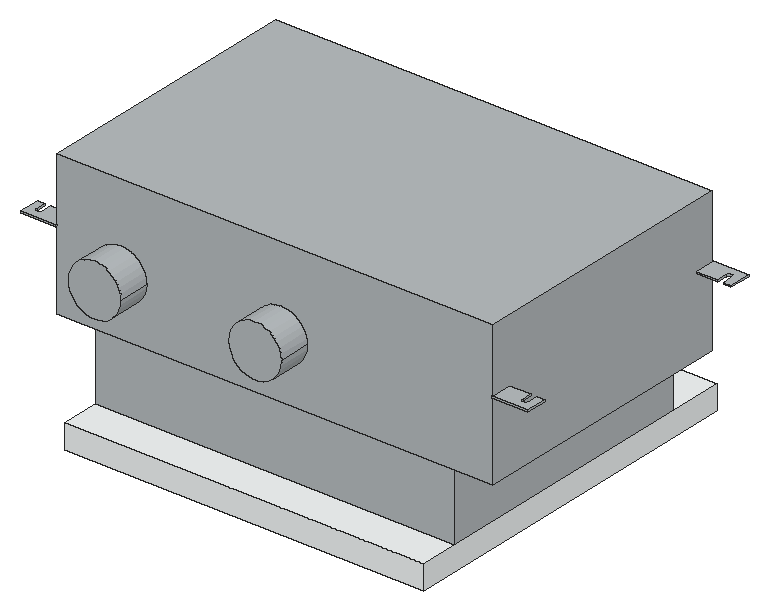
Revit family "lgh-n15_50cx3(d)_cs3(d)_50Hz", category 機械設備, Revit 2019
Family settings
  丸型コネクタ寸法 = 直径を使用
  パーツ タイプ = 標準
  OmniClass 番号 = 23.75.10.34.21
  OmniClass タイトル = Heat Exchangers for Ventilation Air
  作業面ベース = いいえ
  常に垂直 = はい
  ロード時にボイドで切り取り = いいえ
  共有 = いいえ
  部屋計算ポイント = はい
Parameters (values of type "LGH-N15CS3")
  騒音レベル(dB(A)) = 28.5
  風量 = 150.0 m³/h
  面風速 = 5.31 m/s
  電源種別 [instance] = "一般"
  電圧 = 100 V
  電動機出力 = 0 W
  集中コントローラ = ""
  運転質量 = 0.00 kg
  連動 [instance] = ""
  質量 = if(製品質量 > 運転質量, 製品質量, 運転質量) * 1.2  # 21.60 kg
  負荷分類 = 3_ファン類
  説明 = "業務用ロスナイ 天井カセット形"
  設計風量 = 0.0 m³/h
  設置方法 = "カセット形"
  記号 [instance] = ""
  製造元 = "三菱電機株式会社"
  製品質量 = 18.00 kg
  製品出荷対象 = "国内"
  製品リリース年月 = "2023/3/14"
  製品グループ = ""
  系統 [instance] = ""
  符号 = "HEU"
  積算_科目 = "1 空気調和設備"
  積算_拾い区分 [instance] = ""
  相 = 1
  盤記号 [instance] = ""
  発停方法 [instance] = "別売リモコン"
  特殊仕様 [instance] = ""
  火災停止 [instance] = ""
  温度交換効率 = 73.00%
  消費電力 = 69 W
  法定耐用年数 = "15"
  機外静圧_排気 = 75.0 Pa
  機外静圧 = 75.0 Pa
  構成部品 = "インテリアパネル"
  極数 = 1
  材質 [instance] = ""
  本体マテリアル = 溶融亜鉛めっき鋼板
  操作・制御方式 = ""
  操作・制御スイッチ = ""
  排気量 = 0.0 m³/h
  形式 = "カセット形"
  幹線記号 [instance] = ""
  対象室 [instance] = ""
  実風量 = 0.0 m³/h
  始動方式 [instance] = "直入"
  天吊金具ピッチ2 = 475 mm
  天吊金具ピッチ1 = 908 mm
  天吊金具_高さ = 118 mm
  天吊金具_径 = 5.5 mm
  天吊金具_幅 = 20 mm
  外気量 = 0.0 m³/h
  呼称 = "全熱交換ユニット"
  周波数 = 50 Hz
  参照している仕様書等のバージョン = ""
  初期抵抗 = 0.0 Pa
  分類コード = "50052504100080"
  分類グループ = ""
  価格 = 175000
  企業コード = "108420"
  付属品_フィルター_還気 = ""
  付属品_フィルター = ""
  付属品 [instance] = ""
  仕様書バージョン = "Version1.0"
  モデル = "LGH-N15CS3"
  パネルマテリアル = 樹脂成形
  ドレン管径 = 20 mm
  コメント [instance] = ""
  Keynote = ""
  エンタルピ交換効率_暖房 = 70.00%
  エンタルピ交換効率_冷房 = 64.00%
  SMAX風量 = 0.0 m³/h
  SMAX静圧 = 0.0 Pa
  Panel_Width = 670 mm
  Panel_Height = 45 mm
  Panel_Depth = 685 mm
  高さ調整可能範囲 = 125 mm
  Assembly Code = ""
  Width = 814 mm
  Version = ""
  Uniclass2015Version = "Systems v1.9"
  Uniclass2015Title = "Thermal wheels"
  Uniclass2015Code = "Pr_60_60_36_88"
  URL = "https://www.mitsubishielectric.co.jp/ldg/wink/qr/002/324107/"
  SpecificationReference = ""
  SpecificationDescription = ""
  Revision = ""
  ProductInformation = ""
  Panel_D = 103 mm
  OmniClassCode = "23-27 23 19 11"
  OAサイズ_W = 0 mm
  OAサイズ_D = 97.5 mm
  MIN風量 = 55.0 m³/h
  MIN静圧 = 10.0 Pa
  MID風量 = 90.0 m³/h
  MID静圧 = 25.0 Pa
  MAX風量 = 150.0 m³/h
  MAX静圧 = 75.0 Pa
  IfcTypeProduct = ""
  IfcProduct = ""
  IfcExportType = "ROTARYWHEEL"
  IfcExportAs = "IfcAirToAirHeatRecoveryType"
  Height = 268 mm
  EAサイズ_W = 0 mm
  EAサイズ_D = 97.5 mm
  Duct_W = 396 mm
  Duct_Pitch = 300 mm
  Duct_Height_OA = 156 mm
  Duct_Height_EA = 160 mm
  Duct_Depth = 60 mm
  Depth = 510 mm
  Author = "三菱電機株式会社"
Types (16, lengths in mm): name | 騒音レベル(dB(A)) | 風量 | 面風速 | 電圧 | 質量 | 製品質量 | 温度交換効率 | 消費電力 | 機外静圧_排気 | 機外静圧 | 天吊金具ピッチ2 | 天吊金具ピッチ1 | 天吊金具_高さ | 価格 | モデル | エンタルピ交換効率_暖房 | エンタルピ交換効率_冷房 | SMAX風量 | SMAX静圧 | Panel_Width | Panel_Depth | Width | URL | Panel_D | OAサイズ_D | MIN風量 | MIN静圧 | MID風量 | MID静圧 | MAX風量 | MAX静圧 | Height | EAサイズ_D | Duct_W | Duct_Pitch | Duct_Height_OA | Duct_Depth | Depth
  LGH-N15CX3 | 28.5 | 150.0 m³/h | 5.31 m/s | 100 V | 21.60 kg | 18.00 kg | 73.00% | 69 W | 75.0 Pa | 75.0 Pa | 475 | 908 | 118 | 242000 | "LGH-N15CX3" | 70.00% | 64.00% | 0.0 m³/h | 0.0 Pa | 670 | 685 | 814 | "https://www.mitsubishielectric.co.jp/ldg/wink/qr/002/324104/" | 103 | 97.5 | 55.0 m³/h | 10.0 Pa | 90.0 m³/h | 25.0 Pa | 150.0 m³/h | 75.0 Pa | 268 | 97.5 | 396 | 300 | 156 | 60 | 510
  LGH-N15CX3D | 28.5 | 150.0 m³/h | 5.31 m/s | 200 V | 21.60 kg | 18.00 kg | 73.00% | 65 W | 75.0 Pa | 75.0 Pa | 475 | 908 | 118 | 242000 | "LGH-N15CX3D" | 70.00% | 64.00% | 0.0 m³/h | 0.0 Pa | 670 | 685 | 814 | "https://www.mitsubishielectric.co.jp/ldg/wink/qr/002/324103/" | 103 | 97.5 | 50.0 m³/h | 8.0 Pa | 100.0 m³/h | 33.0 Pa | 150.0 m³/h | 75.0 Pa | 268 | 97.5 | 396 | 300 | 156 | 60 | 510
  LGH-N15CS3 | 28.5 | 150.0 m³/h | 5.31 m/s | 100 V | 21.60 kg | 18.00 kg | 73.00% | 69 W | 75.0 Pa | 75.0 Pa | 475 | 908 | 118 | 175000 | "LGH-N15CS3" | 70.00% | 64.00% | 0.0 m³/h | 0.0 Pa | 670 | 685 | 814 | "https://www.mitsubishielectric.co.jp/ldg/wink/qr/002/324107/" | 103 | 97.5 | 55.0 m³/h | 10.0 Pa | 90.0 m³/h | 25.0 Pa | 150.0 m³/h | 75.0 Pa | 268 | 97.5 | 396 | 300 | 156 | 60 | 510
  LGH-N15CS3D | 28.5 | 150.0 m³/h | 5.31 m/s | 200 V | 21.60 kg | 18.00 kg | 73.00% | 65 W | 75.0 Pa | 75.0 Pa | 475 | 908 | 118 | 175000 | "LGH-N15CS3D" | 70.00% | 64.00% | 0.0 m³/h | 0.0 Pa | 670 | 685 | 814 | "https://www.mitsubishielectric.co.jp/ldg/wink/qr/002/324105/" | 103 | 97.5 | 50.0 m³/h | 8.0 Pa | 100.0 m³/h | 33.0 Pa | 150.0 m³/h | 75.0 Pa | 268 | 97.5 | 396 | 300 | 156 | 60 | 510
  LGH-N25CX3 | 32 | 250.0 m³/h | 3.93 m/s | 100 V | 21.60 kg | 18.00 kg | 70.50% | 107 W | 57.0 Pa | 57.0 Pa | 475 | 908 | 118 | 259000 | "LGH-N25CX3" | 69.00% | 61.50% | 0.0 m³/h | 0.0 Pa | 670 | 685 | 814 | "https://www.mitsubishielectric.co.jp/ldg/wink/qr/002/324100/" | 103 | 142 | 115.0 m³/h | 12.0 Pa | 145.0 m³/h | 19.0 Pa | 250.0 m³/h | 57.0 Pa | 268 | 142 | 396 | 300 | 156 | 70 | 510
  LGH-N25CX3D | 32 | 250.0 m³/h | 3.93 m/s | 200 V | 21.60 kg | 18.00 kg | 70.50% | 101 W | 57.0 Pa | 57.0 Pa | 475 | 908 | 118 | 259000 | "LGH-N25CX3D" | 69.00% | 61.50% | 0.0 m³/h | 0.0 Pa | 670 | 685 | 814 | "https://www.mitsubishielectric.co.jp/ldg/wink/qr/002/324099/" | 103 | 142 | 100.0 m³/h | 9.0 Pa | 120.0 m³/h | 13.0 Pa | 250.0 m³/h | 57.0 Pa | 268 | 142 | 396 | 300 | 156 | 70 | 510
  LGH-N25CS3 | 32 | 250.0 m³/h | 3.93 m/s | 100 V | 21.60 kg | 18.00 kg | 70.50% | 107 W | 57.0 Pa | 57.0 Pa | 475 | 908 | 118 | 190000 | "LGH-N25CS3" | 69.00% | 61.50% | 0.0 m³/h | 0.0 Pa | 670 | 685 | 814 | "https://www.mitsubishielectric.co.jp/ldg/wink/qr/002/324102/" | 103 | 142 | 115.0 m³/h | 12.0 Pa | 145.0 m³/h | 19.0 Pa | 250.0 m³/h | 57.0 Pa | 268 | 142 | 396 | 300 | 156 | 70 | 510
  LGH-N25CS3D | 32 | 250.0 m³/h | 3.93 m/s | 200 V | 21.60 kg | 18.00 kg | 70.50% | 101 W | 57.0 Pa | 57.0 Pa | 475 | 908 | 118 | 190000 | "LGH-N25CS3D" | 69.00% | 61.50% | 0.0 m³/h | 0.0 Pa | 670 | 685 | 814 | "https://www.mitsubishielectric.co.jp/ldg/wink/qr/002/324101/" | 103 | 142 | 100.0 m³/h | 9.0 Pa | 120.0 m³/h | 13.0 Pa | 250.0 m³/h | 57.0 Pa | 268 | 142 | 396 | 300 | 156 | 70 | 510
  LGH-N35CX3 | 33.5 | 350.0 m³/h | 5.5 m/s | 100 V | 33.60 kg | 28.00 kg | 73.50% | 153 W | 95.0 Pa | 95.0 Pa | 540 | 1294 | 168 | 284000 | "LGH-N35CX3" | 71.00% | 64.50% | 350.0 m³/h | 95.0 Pa | 770 | 770 | 1202 | "https://www.mitsubishielectric.co.jp/ldg/wink/qr/002/324096/" | 107 | 142 | 135.0 m³/h | 5.0 Pa | 205.0 m³/h | 12.0 Pa | 350.0 m³/h | 35.0 Pa | 330 | 142 | 611 | 450 | 185 | 70 | 577
  LGH-N35CX3D | 33.5 | 350.0 m³/h | 5.5 m/s | 200 V | 33.60 kg | 28.00 kg | 73.50% | 153 W | 95.0 Pa | 95.0 Pa | 540 | 1294 | 168 | 284000 | "LGH-N35CX3D" | 71.00% | 64.50% | 350.0 m³/h | 95.0 Pa | 770 | 770 | 1202 | "https://www.mitsubishielectric.co.jp/ldg/wink/qr/002/324095/" | 107 | 142 | 135.0 m³/h | 5.0 Pa | 180.0 m³/h | 9.0 Pa | 350.0 m³/h | 35.0 Pa | 330 | 142 | 611 | 450 | 185 | 70 | 577
  LGH-N35CS3 | 33.5 | 350.0 m³/h | 5.5 m/s | 100 V | 33.60 kg | 28.00 kg | 73.50% | 153 W | 95.0 Pa | 95.0 Pa | 540 | 1294 | 168 | 206000 | "LGH-N35CS3" | 71.00% | 64.50% | 350.0 m³/h | 95.0 Pa | 770 | 770 | 1202 | "https://www.mitsubishielectric.co.jp/ldg/wink/qr/002/324098/" | 107 | 142 | 135.0 m³/h | 5.0 Pa | 205.0 m³/h | 12.0 Pa | 350.0 m³/h | 35.0 Pa | 330 | 142 | 611 | 450 | 185 | 70 | 577
  LGH-N35CS3D | 33.5 | 350.0 m³/h | 5.5 m/s | 200 V | 33.60 kg | 28.00 kg | 73.50% | 153 W | 95.0 Pa | 95.0 Pa | 540 | 1294 | 168 | 206000 | "LGH-N35CS3D" | 71.00% | 64.50% | 350.0 m³/h | 95.0 Pa | 770 | 770 | 1202 | "https://www.mitsubishielectric.co.jp/ldg/wink/qr/002/324097/" | 107 | 142 | 135.0 m³/h | 5.0 Pa | 180.0 m³/h | 9.0 Pa | 350.0 m³/h | 35.0 Pa | 330 | 142 | 611 | 450 | 185 | 70 | 577
  LGH-N50CX3 | 36 | 500.0 m³/h | 4.42 m/s | 100 V | 34.80 kg | 29.00 kg | 69.00% | 195 W | 95.0 Pa | 95.0 Pa | 540 | 1294 | 168 | 312000 | "LGH-N50CX3" | 67.00% | 60.50% | 500.0 m³/h | 95.0 Pa | 770 | 770 | 1202 | "https://www.mitsubishielectric.co.jp/ldg/wink/qr/002/324092/" | 107 | 192 | 200.0 m³/h | 9.0 Pa | 340.0 m³/h | 25.0 Pa | 500.0 m³/h | 55.0 Pa | 330 | 192 | 461 | 600 | 185 | 86 | 577
  LGH-N50CX3D | 36 | 500.0 m³/h | 4.42 m/s | 200 V | 34.80 kg | 29.00 kg | 69.00% | 202 W | 95.0 Pa | 95.0 Pa | 540 | 1294 | 168 | 312000 | "LGH-N50CX3D" | 67.00% | 60.50% | 500.0 m³/h | 95.0 Pa | 770 | 770 | 1202 | "https://www.mitsubishielectric.co.jp/ldg/wink/qr/002/324106/" | 107 | 192 | 200.0 m³/h | 9.0 Pa | 290.0 m³/h | 19.0 Pa | 500.0 m³/h | 55.0 Pa | 330 | 192 | 461 | 600 | 185 | 86 | 577
  LGH-N50CS3 | 36 | 500.0 m³/h | 4.42 m/s | 100 V | 34.80 kg | 29.00 kg | 69.00% | 195 W | 95.0 Pa | 95.0 Pa | 540 | 1294 | 168 | 226000 | "LGH-N50CS3" | 67.00% | 60.50% | 500.0 m³/h | 95.0 Pa | 770 | 770 | 1202 | "https://www.mitsubishielectric.co.jp/ldg/wink/qr/002/324094/" | 107 | 192 | 200.0 m³/h | 9.0 Pa | 340.0 m³/h | 25.0 Pa | 500.0 m³/h | 55.0 Pa | 330 | 192 | 461 | 600 | 185 | 86 | 577
  LGH-N50CS3D | 36 | 500.0 m³/h | 4.42 m/s | 200 V | 34.80 kg | 29.00 kg | 69.00% | 202 W | 95.0 Pa | 95.0 Pa | 540 | 1294 | 168 | 226000 | "LGH-N50CS3D" | 67.00% | 60.50% | 500.0 m³/h | 95.0 Pa | 770 | 770 | 1202 | "https://www.mitsubishielectric.co.jp/ldg/wink/qr/002/324093/" | 107 | 192 | 200.0 m³/h | 9.0 Pa | 290.0 m³/h | 19.0 Pa | 500.0 m³/h | 55.0 Pa | 330 | 192 | 461 | 600 | 185 | 86 | 577
Reference planes
  plane 1 "中心(正面/背面)": y = 0
  plane 2: z = 0
  plane 3 "中心(左/右)": x = 0
  plane 4 "左": x = -407
  plane 5 "右": x = 407
  plane 6 "背面": y = 255
  plane 7 "正面": y = -255
  plane 8: z = 393
  plane 9: z = 125
  plane 10 "下": z = -45
  plane 11: x = -335
  plane 12: x = 335
  plane 13: y = 358
  plane 14: y = -327
  plane 15: z = 237
  plane 16: x = 11
  plane 17: x = -289
  plane 18: y = -315
  plane 19: x = 429.5
  plane 20: z = 233
  plane 21: x = -454
  plane 22: x = 454
  plane 23: y = 237.5
  plane 24: y = -237.5
  plane 25: x = -474
  plane 26: x = 474
  plane 27: y = -217.5
  plane 28: y = -257.5
  plane 29: y = 217.5
  plane 30: y = 257.5
  plane 31: z = 275
  plane 32: z = 272
Forms (mm)
  Extrusion 1, solid, material "樹脂成形" <- "パネルマテリアル"
    sketch origin (0, 0, 4000) x (0, 1, 0) y (-1, 0, 0)
      loop
        line (-327, 335) -> (-327, -335) -> (358, -335) -> (358, 335) -> (-327, 335)
    from -4000 to -4045
  Extrusion 2, solid, material "溶融亜鉛めっき鋼板" <- "本体マテリアル"
    sketch origin (0, 0, 4000) x (0, 1, 0) y (-1, 0, 0)
      loop
        line (-255, 335) -> (-255, -335) -> (255, -335) -> (255, 335) -> (-255, 335)
    from -4000 to -3875
  Extrusion 3, solid, material "溶融亜鉛めっき鋼板" <- "本体マテリアル"
    sketch origin (0, 0, 4000) x (0, 1, 0) y (-1, 0, 0)
      loop
        line (-255, 407) -> (-255, -407) -> (255, -407) -> (255, 407) -> (-255, 407)
    from -3875 to -3607
  Extrusion 4, solid, material "溶融亜鉛めっき鋼板" <- "本体マテリアル"
    sketch origin (0, 0, 0) x (1, 0, 0) y (0, 0, 1)
      loop
        circle (11, 237) r 48.75
    from 255 to 315
  Extrusion 5, solid, material "溶融亜鉛めっき鋼板" <- "本体マテリアル"
    sketch origin (0, 0, 0) x (1, 0, 0) y (0, 0, 1)
      loop
        circle (-289, 233) r 48.75
    from 255 to 315
  Extrusion 6, solid, material "溶融亜鉛めっき鋼板" <- "本体マテリアル"
    sketch origin (0, 0, 0) x (1, 0, 0) y (0, 1, 0)
      loop
        line (-474, -257.5) -> (-407, -257.5) -> (-407, -217.5) -> (-448.5, -217.5) -> (-448.5, -237.5)
        arc (-448.5, -237.5) -> (-454, -243) -> (-459.5, -237.5) r 5.5
        line (-459.5, -237.5) -> (-459.5, -217.5) -> (-474, -217.5) -> (-474, -257.5)
    from 272 to 275
  Extrusion 7, solid, material "溶融亜鉛めっき鋼板" <- "本体マテリアル"
    sketch origin (0, 0, 0) x (-1, 0, 0) y (0, -1, 0)
      loop
        line (-474, 257.5) -> (-474, 217.5) -> (-459.5, 217.5) -> (-459.5, 237.5)
        arc (-459.5, 237.5) -> (-454, 243) -> (-448.5, 237.5) r 5.5
        line (-448.5, 237.5) -> (-448.5, 217.5) -> (-407, 217.5) -> (-407, 257.5) -> (-474, 257.5)
    from 272 to 275
  Extrusion 8, solid, material "溶融亜鉛めっき鋼板" <- "本体マテリアル"
    sketch origin (0, 0, 0) x (1, 0, 0) y (0, 1, 0)
      loop
        line (-474, 257.5) -> (-474, 217.5) -> (-459.5, 217.5) -> (-459.5, 237.5)
        arc (-459.5, 237.5) -> (-454, 243) -> (-448.5, 237.5) r 5.5
        line (-448.5, 237.5) -> (-448.5, 217.5) -> (-407, 217.5) -> (-407, 257.5) -> (-474, 257.5)
    from 272 to 275
  Extrusion 9, solid, material "溶融亜鉛めっき鋼板" <- "本体マテリアル"
    sketch origin (0, 0, 0) x (-1, 0, 0) y (0, -1, 0)
      loop
        line (-474, -257.5) -> (-407, -257.5) -> (-407, -217.5) -> (-448.5, -217.5) -> (-448.5, -237.5)
        arc (-448.5, -237.5) -> (-454, -243) -> (-459.5, -237.5) r 5.5
        line (-459.5, -237.5) -> (-459.5, -217.5) -> (-474, -217.5) -> (-474, -257.5)
    from 272 to 275
Lines and regions (mm)
  Masking region 1, detail levels coarse+medium
    outline origin (0, 0, 0) x (1, 0, 0) y (0, 1, 0)
      loop
        line (-407, 255) -> (-407, -255) -> (407, -255) -> (407, 255) -> (-407, 255)
  symbolic lines, detail levels coarse+medium
    curve 1: line (0, 255, 0) -> (-407, 0, 0)
    curve 2: line (-407, 0, 0) -> (0, -255, 0)
    curve 3: line (0, -255, 0) -> (407, 0, 0)
    curve 4: line (407, 0, 0) -> (0, 255, 0)
Dimensions and locks
  "Depth": plane 7 "正面" to plane 6 "背面"
  "Width": plane 4 "左" to plane 5 "右"
  "Height": plane 8 to plane 9
  "高さ調整可能範囲": plane 9 to plane 2
  "Panel_Width": plane 11 to plane 12
  "Panel_Depth": plane 13 to plane 14
  "Panel_Height": plane 2 to plane 10 "下"
  equal spacing: plane 11, plane 3 "中心(左/右)", plane 12
  "Panel_D": plane 6 "背面" to plane 13
  equal spacing: plane 7 "正面", plane 1 "中心(正面/背面)", plane 6 "背面"
  "Duct_Pitch": plane 16 to plane 17
  "Duct_Height_OA": plane 8 to plane 15
  "Duct_Height_EA": plane 8 to plane 20
  equal spacing: plane 4 "左", plane 3 "中心(左/右)", plane 5 "右"
  "Duct_W": plane 5 "右" to plane 16
  "Duct_Depth": plane 18 to plane 7 "正面"
  equal spacing: plane 21, plane 3 "中心(左/右)", plane 22
  "天吊金具ピッチ1": plane 21 to plane 22
  equal spacing: plane 24, plane 1 "中心(正面/背面)", plane 23
  "天吊金具ピッチ2": plane 24 to plane 23
  locked: plane 25 to plane 21 at 20
  locked: plane 22 to plane 26 at 20
  equal spacing: plane 27, plane 24, plane 28
  "天吊金具_幅": plane 27 to plane 24
  equal spacing: plane 29, plane 23, plane 30
  "天吊金具_幅": plane 29 to plane 23
  "天吊金具_径": plane 21 to Extrusion 6 sketch curve
  "天吊金具_径": plane 22 to Extrusion 7 sketch curve
  "天吊金具_径": plane 21 to Extrusion 8 sketch curve
  "天吊金具_径": plane 22 to Extrusion 9 sketch curve
  "天吊金具_高さ": plane 8 to plane 31
  locked: plane 31 to plane 32 at 3
  "OAサイズ_D": diameter of Extrusion 4 sketch curve
  "EAサイズ_D": diameter of Extrusion 5 sketch curve
  "天吊金具_径": radius of Extrusion 6 sketch curve
  "天吊金具_径": radius of Extrusion 7 sketch curve
  "天吊金具_径": radius of Extrusion 8 sketch curve
  "天吊金具_径": radius of Extrusion 9 sketch curve
  aligned and locked: level to plane 2
  aligned and locked: Extrusion 2 to level
  aligned and locked: plane 9 to Extrusion 2
  aligned and locked: Extrusion 3 to plane 9
  aligned and locked: plane 8 to Extrusion 3
  aligned and locked: plane 11 to Extrusion 1
  aligned and locked: plane 12 to Extrusion 1
  aligned and locked: Extrusion 3 to plane 4 "左"
  aligned and locked: plane 5 "右" to Extrusion 3
  aligned and locked: plane 13 to Extrusion 1
  aligned and locked: plane 14 to Extrusion 1
  aligned and locked: plane 6 "背面" to Extrusion 3
  aligned and locked: Extrusion 1 to plane 10 "下"
  aligned and locked: plane 16 to Extrusion 4 sketch curve
  aligned and locked: plane 18 to Extrusion 4
  aligned and locked: Extrusion 4 to plane 7 "正面"
  aligned and locked: Masking region 1 to curve 2
  aligned and locked: Extrusion 5 to plane 7 "正面"
  aligned and locked: Extrusion 5 to Extrusion 4
  aligned and locked: Extrusion 2 to plane 6 "背面"
  aligned and locked: plane 5 "右" to curve 4
  aligned and locked: plane 1 "中心(正面/背面)" to curve 1
  aligned and locked: nested 1 to plane 22
  aligned and locked: plane 21 to nested 1
  aligned and locked: plane 23 to nested 1
  aligned and locked: plane 24 to nested 1
  aligned and locked: plane 25 to Extrusion 6 sketch curve
  aligned and locked: Extrusion 6 sketch curve to plane 28
  aligned and locked: Extrusion 6 sketch curve to plane 4 "左"
  aligned and locked: plane 24 to Extrusion 6 sketch curve
  aligned and locked: plane 27 to Extrusion 6 sketch curve
  aligned and locked: Extrusion 6 sketch curve to plane 27
  aligned and locked: Extrusion 7 sketch curve to plane 26
  aligned and locked: plane 28 to Extrusion 7 sketch curve
  aligned and locked: Extrusion 7 sketch curve to plane 5 "右"
  aligned and locked: plane 27 to Extrusion 7 sketch curve
  aligned and locked: Extrusion 7 sketch curve to plane 27
  aligned and locked: plane 4 "左" to Extrusion 8 sketch curve
  aligned and locked: plane 30 to Extrusion 8 sketch curve
  aligned and locked: Extrusion 8 sketch curve to plane 25
  aligned and locked: Extrusion 8 sketch curve to plane 29
  aligned and locked: plane 29 to Extrusion 8 sketch curve
  aligned and locked: plane 26 to Extrusion 9 sketch curve
  aligned and locked: Extrusion 9 sketch curve to plane 30
  aligned and locked: Extrusion 9 sketch curve to plane 29
  aligned and locked: plane 29 to Extrusion 9 sketch curve
  aligned and locked: plane 5 "右" to Extrusion 9 sketch curve
  aligned and locked: plane 31 to Extrusion 7
  aligned and locked: plane 32 to Extrusion 7
  aligned and locked: Extrusion 7 to Extrusion 6
  aligned and locked: plane 32 to Extrusion 6
  aligned and locked: plane 31 to Extrusion 8
  aligned and locked: plane 32 to Extrusion 8
  aligned and locked: plane 31 to Extrusion 9
  aligned and locked: plane 32 to Extrusion 9
  aligned and locked: plane 7 "正面" to Extrusion 2
  aligned and locked: Extrusion 2 to plane 11
  aligned and locked: Extrusion 2 to plane 12
Automatic sketch dimensions
  curve 2 to plane 3 "中心(左/右)" = 0 mm
  curve 4 to plane 3 "中心(左/右)" = 0 mm
  plane 7 "正面" to curve 2 = 0 mm
  plane 1 "中心(正面/背面)" to curve 3 = 0 mm
  plane 6 "背面" to curve 4 = 0 mm
  Masking region 1 sketch curve to plane 4 "左" = 0 mm
  Masking region 1 sketch curve to plane 5 "右" = 0 mm
  plane 7 "正面" to Masking region 1 sketch curve = 0 mm
  plane 6 "背面" to Masking region 1 sketch curve = 0 mm
  Extrusion 1 sketch curve to plane 12 = 0 mm
  Extrusion 1 sketch curve to plane 14 = 0 mm
  Extrusion 1 sketch curve to plane 11 = 0 mm
  plane 13 to Extrusion 1 sketch curve = 0 mm
  Extrusion 2 sketch curve to plane 5 "右" = 72 mm
  plane 14 to Extrusion 2 sketch curve = 72 mm
  plane 4 "左" to Extrusion 2 sketch curve = 72 mm
  plane 6 "背面" to Extrusion 2 sketch curve = 0 mm
  Extrusion 3 sketch curve to plane 5 "右" = 0 mm
  plane 7 "正面" to Extrusion 3 sketch curve = 0 mm
  Extrusion 3 sketch curve to plane 4 "左" = 0 mm
  plane 6 "背面" to Extrusion 3 sketch curve = 0 mm
  Extrusion 4 sketch curve to plane 15 = 0 mm
  Extrusion 5 sketch curve to plane 17 = 0 mm
  Extrusion 5 sketch curve to plane 20 = 0 mm
  plane 24 to Extrusion 7 sketch curve = 0 mm
  Extrusion 8 sketch curve to plane 23 = 0 mm
  Extrusion 9 sketch curve to plane 23 = 0 mm
Nested families
  nested 1: "固定点" at (-454, -237.5, 0), type "固定点"
    with W 908 mm, D 475 mm
Connectors
  hvac at (11, -315, 237), driven by "OAサイズ_D", driven by "機外静圧", driven by "風量"
    settings: on Extrusion 4, index 4, duct flow 150.0 m³/h, flow factor 0, pres drop 75.0 Pa, loss coef 0, conn angle 0.00°, conn width 304.8 mm, conn height 304.8 mm, conn diameter 97.5 mm, duct sys type 4, conn prof type 0, flow config 0, flow direction 1, loss method 4, conn ref index -1, conn util no, is conn primary no, conn desc ""
  hvac at (-289, -315, 233), driven by "EAサイズ_D", driven by "機外静圧_排気", driven by "排気量"
    settings: on Extrusion 5, index 6, duct flow 0.0 m³/h, flow factor 0, pres drop 75.0 Pa, loss coef 0, conn angle 0.00°, conn width 304.8 mm, conn height 304.8 mm, conn diameter 97.5 mm, duct sys type 3, conn prof type 0, flow config 0, flow direction 2, loss method 4, conn ref index -1, conn util no, is conn primary yes, conn desc ""
  electrical at (0, 255, 259), driven by "負荷分類", driven by "極数", driven by "電圧", driven by "消費電力"
    settings: on Extrusion 3, index 7, voltage 100 V, apparent load 69 VA, apparent load phase1 0 VA, apparent load phase2 0 VA, apparent load phase3 0 VA, power factor 1, load classification "3_ファン類", number of poles 1, system type 30, power factor state 1, is connector primary yes, connector utility no, sub classification motor no, connector description ""
Definition of nested family "固定点"
  Parameters (values of type "固定点")
    中心円 = 20 mm
    W [instance] = 1000 mm
    D [instance] = 1000 mm
  Reference planes
    plane 1 "中心(正面/背面)": y = 0
    plane 2: z = 0
    plane 3 "中心(左/右)": x = 0
    plane 4: x = 1000
    plane 5: y = 1000
  Lines and regions (mm)
    symbolic lines, detail levels fine
      curve 1: circle (0, 1000, 0) r 10 normal (0, 0, 1)
      curve 2: circle (0, 0, 0) r 10 normal (0, 0, 1)
      curve 3: circle (1000, 1000, 0) r 10 normal (0, 0, 1)
      curve 4: circle (1000, 0, 0) r 10 normal (0, 0, 1)
      curve 5: line (-200, 1000, 0) -> (1200, 1000, 0)
      curve 6: line (-200, 0, 0) -> (1200, 0, 0)
      curve 7: line (0, 1200, 0) -> (0, -200, 0)
      curve 8: line (1000, 1200, 0) -> (1000, -200, 0)
  Dimensions and locks
    "W": plane 3 "中心(左/右)" to plane 4
    "D": plane 1 "中心(正面/背面)" to plane 5
    "中心円": diameter of curve 1
    "中心円": diameter of curve 2
    "中心円": diameter of curve 3
    "中心円": diameter of curve 4
    aligned and locked: level to plane 2
    aligned and locked: plane 5 to curve 1
    aligned and locked: plane 3 "中心(左/右)" to curve 1
    aligned and locked: plane 3 "中心(左/右)" to curve 2
    aligned and locked: plane 1 "中心(正面/背面)" to curve 2
    aligned and locked: plane 4 to curve 3
    aligned and locked: plane 5 to curve 3
    aligned and locked: plane 1 "中心(正面/背面)" to curve 4
    aligned and locked: plane 4 to curve 4
    aligned and locked: plane 1 "中心(正面/背面)" to curve 6
    aligned and locked: curve 7 to plane 3 "中心(左/右)"
    aligned and locked: curve 8 to plane 4
  Automatic sketch dimensions
    curve 5 to plane 5 = 0 mm
    curve 6 to plane 3 "中心(左/右)" = 200 mm
    curve 5 to plane 3 "中心(左/右)" = 200 mm
    curve 4 to curve 6 = 200 mm
    curve 3 to curve 5 = 200 mm
    plane 1 "中心(正面/背面)" to curve 8 = 200 mm
    plane 1 "中心(正面/背面)" to curve 7 = 200 mm
    curve 3 to curve 8 = 200 mm
    curve 1 to curve 7 = 200 mm
